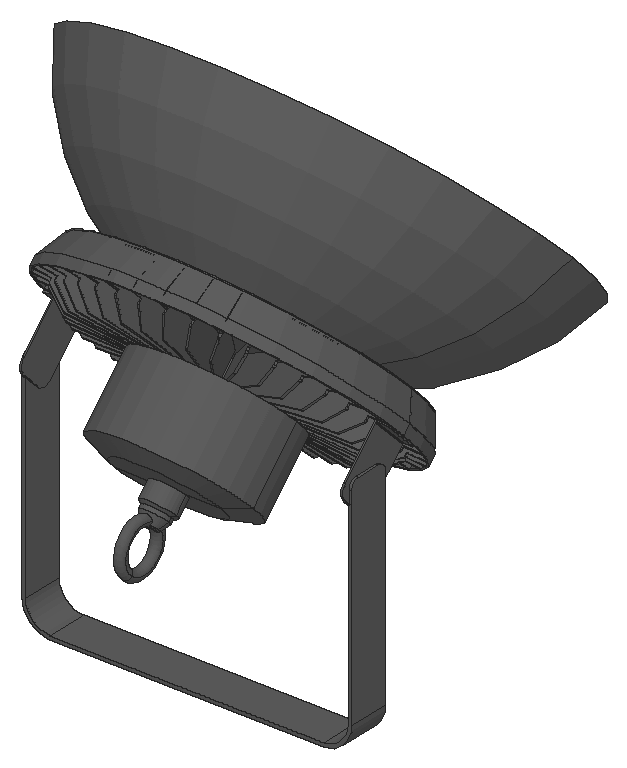
Revit family "0039351+0039354+0039357 Feilo Sylvania Lighting Fixture START HIGHBAY 6K 19KLM WIDE with BRACKET and ALU SHADE BLACK COLOR", category Lighting Fixtures, host Face, Revit 2017 (continued)
Definition of nested family "Start LED Highbay Head"
  Dimensions and locks
    "RHHeight3_FEILO": plane 31 to plane 33
    "RHHeight4_FEILO": plane 33 to plane 34
    "RHRadius3_FEILO": plane 3 "Center (Left/Right)" to plane 35
    "RHHeight1_FEILO": plane 28 to plane 30
    "EyeInner_FEILO": plane 34 to plane 36
    "EyeInner_FEILO": plane 36 to plane 37
    equal spacing: plane 38, plane 3 "Center (Left/Right)", plane 39
    "EyeThickness_FEILO": plane 38 to plane 39
    "EyeThickness_FEILO": plane 37 to plane 40
    equal spacing: plane 37, plane 41, plane 40
    equal spacing: plane 6, plane 42, plane 18
    "ThicknessBracket_FEILO": plane 45 to plane 6
    "ThicknessBracket_FEILO": plane 8 to plane 44
    locked: plane 43 to plane 18 at 1
    equal spacing: plane 24, plane 46, plane 26
    equal spacing: plane 47, plane 1 "Center (Front/Back)", plane 48
    "WidthBracket_FEILO": plane 47 to plane 48
    "WidthRingChamfer_FEILO": plane 50 to plane 49
    "ThicknessWall_FEILO": plane 51 to plane 49
    equal spacing: plane 50, plane 52, plane 51
    "ThicknessBracket_FEILO": plane 54 to plane 50
    locked: plane 53 to plane 51 at 1
    "Radius_FEILO": plane 49 to plane 3 "Center (Left/Right)"
    "ShadeRadiusOut_FEILO": plane 3 "Center (Left/Right)" to plane 55
    "ShadeHeight_FEILO": plane 56 to plane 4
    "ShadeRadiusIn_FEILO": plane 3 "Center (Left/Right)" to plane 57
    locked: plane 58 to plane 57 at 8
    "ShadeThickness_FEILO": plane 60 to plane 4
    "ShadeThickness_FEILO": plane 59 to plane 55
    "EyeThicknessHalf_FEILO": radius of curve 8
    "ThicknessBracket_FEILO": radius of Extrusion 7 sketch curve  (x2)
    "ThicknessBracketHalf_FEILO": radius of Extrusion 7 sketch curve  (x2)
    "ShadeRadiusBend_FEILO": radius of curve 9
    aligned and locked: plane 2 to Extrusion 1
    aligned and locked: level to Extrusion 1
    aligned and locked: plane 5 to curve 1
    aligned and locked: plane 6 to curve 1
    aligned and locked: plane 7 to curve 1
    aligned and locked: plane 10 to curve 2
    aligned and locked: plane 9 to curve 3
    aligned and locked: plane 4 to curve 3
    aligned and locked: plane 11 to curve 3
    aligned and locked: plane 4 to curve 4
    aligned and locked: plane 18 to curve 5
    aligned and locked: plane 10 to curve 5
    aligned and locked: Revolve 2 sketch curve to plane 3 "Center (Left/Right)"
    aligned and locked: Revolve 2 sketch curve to curve 3
    aligned and locked: Revolve 2 sketch curve to curve 1
    aligned and locked: plane 4 to Revolve 2 sketch curve
    aligned and locked: plane 9 to Revolve 2 sketch curve
    aligned and locked: Revolve 2 sketch curve to plane 13
    aligned and locked: Revolve 2 sketch curve to plane 10
    aligned and locked: plane 13 to Revolve 2 sketch curve
    aligned and locked: plane 10 to Revolve 2 sketch curve
    aligned and locked: Revolve 2 sketch curve to plane 18
    aligned and locked: Revolve 2 sketch curve to plane 8
    aligned and locked: plane 5 to Revolve 2 sketch curve  (x2)
    aligned and locked: Revolve 3 sketch curve to plane 3 "Center (Left/Right)"
    aligned and locked: plane 11 to Revolve 3 sketch curve
    aligned and locked: Revolve 3 sketch curve to curve 2
    aligned and locked: plane 15 to Revolve 3 sketch curve
    aligned and locked: Revolve 3 sketch curve to plane 16
    aligned and locked: plane 17 to Revolve 3 sketch curve  (x2)
    aligned and locked: Revolve 3 sketch curve to plane 12
    aligned and locked: plane 7 to Revolve 3 sketch curve
    aligned and locked: Revolve 4 sketch curve to plane 3 "Center (Left/Right)"
    aligned and locked: Revolve 4 sketch curve to plane 14
    aligned and locked: plane 3 "Center (Left/Right)" to Revolve 4 sketch curve
    aligned and locked: Revolve 4 sketch curve to plane 12
    aligned and locked: plane 15 to Revolve 4 sketch curve
    aligned and locked: Revolve 2 sketch curve to curve 5
    aligned and locked: plane 22 to curve 6
    aligned and locked: plane 21 to curve 6
    aligned and locked: plane 20 to curve 6
    aligned and locked: plane 19 to curve 6
    aligned and locked: plane 33 to curve 7
    aligned and locked: plane 32 to curve 7
    aligned and locked: plane 35 to curve 7
    aligned and locked: plane 34 to curve 7
    aligned and locked: Revolve 5 sketch curve to plane 3 "Center (Left/Right)"
    aligned and locked: Revolve 5 sketch curve to plane 25
    aligned and locked: plane 27 to Revolve 5 sketch curve
    aligned and locked: plane 28 to Revolve 5 sketch curve
    aligned and locked: plane 30 to Revolve 5 sketch curve
    aligned and locked: Revolve 5 sketch curve to plane 29
    aligned and locked: plane 31 to Revolve 5 sketch curve
    aligned and locked: Revolve 5 sketch curve to curve 7
    aligned and locked: Revolve 5 sketch curve to plane 32
    aligned and locked: plane 34 to Revolve 5 sketch curve
    aligned and locked: plane 3 "Center (Left/Right)" to Revolve 5 sketch curve
    aligned and locked: plane 3 "Center (Left/Right)" to curve 8
    aligned and locked: plane 41 to curve 8
    aligned and locked: Revolve 6 sketch curve to plane 36
    aligned and locked: Revolve 6 sketch curve to curve 8
    aligned and locked: plane 43 to Extrusion 7 sketch curve  (x2)
    aligned and locked: plane 8 to Extrusion 7 sketch curve  (x3)
    aligned and locked: Extrusion 7 sketch curve to plane 45
    aligned and locked: Extrusion 7 sketch curve to plane 46  (x2)
    aligned and locked: plane 6 to Extrusion 7 sketch curve
    aligned and locked: Extrusion 7 sketch curve to plane 44  (x2)
    aligned and locked: Extrusion 7 to plane 48
    aligned and locked: plane 47 to Extrusion 7
    aligned and locked: plane 53 to Extrusion 7 sketch curve
    aligned and locked: plane 50 to Extrusion 7 sketch curve
    aligned and locked: Extrusion 7 sketch curve to plane 54
    aligned and locked: Extrusion 8 sketch curve to Extrusion 8 sketch curve
    aligned and locked: Extrusion 8 to plane 6
    aligned and locked: Extrusion 8 to Extrusion 7
    aligned and locked: Revolve 5 sketch curve to plane 22
    aligned and locked: plane 23 to nested 1
    aligned and locked: plane 1 "Center (Front/Back)" to nested 1
    aligned and locked: Revolve 9 sketch curve to plane 3 "Center (Left/Right)"
    aligned and locked: Revolve 9 sketch curve to plane 4
    aligned and locked: plane 6 to Revolve 9 sketch curve
    aligned and locked: plane 4 to Revolve 9 sketch curve
    aligned and locked: plane 7 to Revolve 9 sketch curve
    aligned and locked: Revolve 9 sketch curve to plane 5
    aligned and locked: plane 8 to Revolve 9 sketch curve  (x2)
    aligned and locked: Revolve 9 sketch curve to plane 19
    aligned and locked: plane 20 to Revolve 9 sketch curve
    aligned and locked: plane 19 to Revolve 9 sketch curve
    aligned and locked: plane 21 to Revolve 9 sketch curve
    aligned and locked: plane 22 to Revolve 9 sketch curve  (x2)
    aligned and locked: Revolve 9 sketch curve to Revolve 9 sketch curve
    aligned and locked: imposter light to plane 4
    aligned and locked: plane 3 "Center (Left/Right)" to imposter light
    aligned and locked: imposter light to plane 1 "Center (Front/Back)"
    aligned and locked: plane 55 to curve 9
    aligned and locked: plane 56 to curve 9
    aligned and locked: plane 57 to curve 9
    aligned and locked: plane 4 to curve 9
    aligned and locked: Revolve 10 sketch curve to curve 9
    aligned and locked: plane 58 to Revolve 10 sketch curve
    aligned and locked: plane 57 to Revolve 10 sketch curve
    aligned and locked: plane 56 to Revolve 10 sketch curve  (x2)
    aligned and locked: Revolve 10 sketch curve to plane 58
    aligned and locked: plane 60 to Revolve 10 sketch curve
  Automatic sketch dimensions
    Extrusion 1 sketch curve to Extrusion 1 sketch curve = 2438.4 mm  (x2)
    Revolve 2 sketch curve to plane 6 = 0.299 mm
    plane 6 to Revolve 2 sketch curve = 0.459 mm
    Revolve 2 sketch curve to level = 609.6 mm
    Revolve 2 sketch curve to Revolve 2 sketch curve = 2312.223 mm
    Revolve 3 sketch curve to plane 12 = 0 mm
    Revolve 3 sketch curve to plane 3 "Center (Left/Right)" = 0 mm
    Revolve 3 sketch curve to level = 609.6 mm
    Revolve 3 sketch curve to plane 4 = 2339.058 mm
    Revolve 4 sketch curve to level = 609.6 mm
    Revolve 4 sketch curve to plane 4 = 2339.058 mm
    Revolve 6 sketch curve to plane 5 = 1080 mm
    plane 38 to Revolve 6 sketch curve = 1219.2 mm
    Extrusion 8 sketch curve to plane 47 = 0 mm
    plane 46 to Extrusion 8 sketch curve = 0 mm  (x2)
    Extrusion 8 sketch curve to plane 48 = 0 mm
    plane 47 to Extrusion 8 sketch curve = 5 mm
    plane 1 "Center (Front/Back)" to Extrusion 8 sketch curve = 10 mm
    Extrusion 8 sketch curve to Extrusion 8 sketch curve = 10 mm
    plane 46 to Extrusion 8 sketch curve = 5 mm
    Extrusion 8 sketch curve to Extrusion 8 sketch curve = 5 mm
    Extrusion 8 sketch curve to plane 48 = 5 mm
    Revolve 5 sketch curve to plane 26 = 0 mm
    Revolve 5 sketch curve to plane 35 = 0.437 mm
    plane 35 to Revolve 5 sketch curve = 0.847 mm
    Revolve 5 sketch curve to plane 34 = 0.726 mm
    plane 40 to Revolve 5 sketch curve = 590.2 mm
    Revolve 5 sketch curve to plane 4 = 2339.058 mm
    Revolve 9 sketch curve to level = 609.6 mm
    Revolve 9 sketch curve to Revolve 9 sketch curve = 2386.058 mm
    curve 2 to plane 3 "Center (Left/Right)" = 0 mm
    Revolve 10 sketch curve to Revolve 10 sketch curve = 0 mm  (x2)
    Revolve 10 sketch curve to plane 3 "Center (Left/Right)" = 0 mm
    plane 57 to Revolve 10 sketch curve = 0.659 mm
    Revolve 10 sketch curve to level = 609.6 mm
    Revolve 10 sketch curve to Revolve 10 sketch curve = 2068.248 mm
  Nested families
    nested 1: "Start Highbay Rib" at (0, 0, 67.775), type "Type Name", detail levels medium+fine
      with SuspensionHeight_FEILO 2.6 mm
    nested 2: "Start Highbay Rib" at (0, 0, 67.775) x (0.9877, 0.1564, 0) z (0, 0, 1), type "Type Name", detail levels medium+fine
      with SuspensionHeight_FEILO 2.6 mm
    nested 3: "Start Highbay Rib" at (0, 0, 67.775) x (0.9511, 0.309, 0) z (0, 0, 1), type "Type Name", detail levels medium+fine
      with SuspensionHeight_FEILO 2.6 mm
    nested 4: "Start Highbay Rib" at (0, 0, 67.775) x (0.891, 0.454, 0) z (0, 0, 1), type "Type Name", detail levels medium+fine
      with SuspensionHeight_FEILO 2.6 mm
    nested 5: "Start Highbay Rib" at (0, 0, 67.775) x (0.809, 0.5878, 0) z (0, 0, 1), type "Type Name", detail levels medium+fine
      with SuspensionHeight_FEILO 2.6 mm
    nested 6: "Start Highbay Rib" at (0, 0, 67.775) x (0.7071, 0.7071, 0) z (0, 0, 1), type "Type Name", detail levels medium+fine
      with SuspensionHeight_FEILO 2.6 mm
    nested 7: "Start Highbay Rib" at (0, 0, 67.775) x (0.5878, 0.809, 0) z (0, 0, 1), type "Type Name", detail levels medium+fine
      with SuspensionHeight_FEILO 2.6 mm
    nested 8: "Start Highbay Rib" at (0, 0, 67.775) x (0.454, 0.891, 0) z (0, 0, 1), type "Type Name", detail levels medium+fine
      with SuspensionHeight_FEILO 2.6 mm
    nested 9: "Start Highbay Rib" at (0, 0, 67.775) x (0.309, 0.9511, 0) z (0, 0, 1), type "Type Name", detail levels medium+fine
      with SuspensionHeight_FEILO 2.6 mm
    nested 10: "Start Highbay Rib" at (0, 0, 67.775) x (0.1564, 0.9877, 0) z (0, 0, 1), type "Type Name", detail levels medium+fine
      with SuspensionHeight_FEILO 2.6 mm
    nested 11: "Start Highbay Rib" at (0, 0, 67.775) x (0, 1, 0) z (0, 0, 1), type "Type Name", detail levels medium+fine
      with SuspensionHeight_FEILO 2.6 mm
    nested 12: "Start Highbay Rib" at (0, 0, 67.775) x (-0.1564, 0.9877, 0) z (0, 0, 1), type "Type Name", detail levels medium+fine
      with SuspensionHeight_FEILO 2.6 mm
    nested 13: "Start Highbay Rib" at (0, 0, 67.775) x (-0.309, 0.9511, 0) z (0, 0, 1), type "Type Name", detail levels medium+fine
      with SuspensionHeight_FEILO 2.6 mm
    nested 14: "Start Highbay Rib" at (0, 0, 67.775) x (-0.454, 0.891, 0) z (0, 0, 1), type "Type Name", detail levels medium+fine
      with SuspensionHeight_FEILO 2.6 mm
    nested 15: "Start Highbay Rib" at (0, 0, 67.775) x (-0.5878, 0.809, 0) z (0, 0, 1), type "Type Name", detail levels medium+fine
      with SuspensionHeight_FEILO 2.6 mm
    nested 16: "Start Highbay Rib" at (0, 0, 67.775) x (-0.7071, 0.7071, 0) z (0, 0, 1), type "Type Name", detail levels medium+fine
      with SuspensionHeight_FEILO 2.6 mm
    nested 17: "Start Highbay Rib" at (0, 0, 67.775) x (-0.809, 0.5878, 0) z (0, 0, 1), type "Type Name", detail levels medium+fine
      with SuspensionHeight_FEILO 2.6 mm
    nested 18: "Start Highbay Rib" at (0, 0, 67.775) x (-0.891, 0.454, 0) z (0, 0, 1), type "Type Name", detail levels medium+fine
      with SuspensionHeight_FEILO 2.6 mm
    nested 19: "Start Highbay Rib" at (0, 0, 67.775) x (-0.9511, 0.309, 0) z (0, 0, 1), type "Type Name", detail levels medium+fine
      with SuspensionHeight_FEILO 2.6 mm
    nested 20: "Start Highbay Rib" at (0, 0, 67.775) x (-0.9877, 0.1564, 0) z (0, 0, 1), type "Type Name", detail levels medium+fine
      with SuspensionHeight_FEILO 2.6 mm
    nested 21: "Start Highbay Rib" at (0, 0, 67.775) x (-1, 0, 0) z (0, 0, 1), type "Type Name", detail levels medium+fine
      with SuspensionHeight_FEILO 2.6 mm
    nested 22: "Start Highbay Rib" at (0, 0, 67.775) x (-0.9877, -0.1564, 0) z (0, 0, 1), type "Type Name", detail levels medium+fine
      with SuspensionHeight_FEILO 2.6 mm
    nested 23: "Start Highbay Rib" at (0, 0, 67.775) x (-0.9511, -0.309, 0) z (0, 0, 1), type "Type Name", detail levels medium+fine
      with SuspensionHeight_FEILO 2.6 mm
    nested 24: "Start Highbay Rib" at (0, 0, 67.775) x (-0.891, -0.454, 0) z (0, 0, 1), type "Type Name", detail levels medium+fine
      with SuspensionHeight_FEILO 2.6 mm
    nested 25: "Start Highbay Rib" at (0, 0, 67.775) x (-0.809, -0.5878, 0) z (0, 0, 1), type "Type Name", detail levels medium+fine
      with SuspensionHeight_FEILO 2.6 mm
    nested 26: "Start Highbay Rib" at (0, 0, 67.775) x (-0.7071, -0.7071, 0) z (0, 0, 1), type "Type Name", detail levels medium+fine
      with SuspensionHeight_FEILO 2.6 mm
    nested 27: "Start Highbay Rib" at (0, 0, 67.775) x (-0.5878, -0.809, 0) z (0, 0, 1), type "Type Name", detail levels medium+fine
      with SuspensionHeight_FEILO 2.6 mm
    nested 28: "Start Highbay Rib" at (0, 0, 67.775) x (-0.454, -0.891, 0) z (0, 0, 1), type "Type Name", detail levels medium+fine
      with SuspensionHeight_FEILO 2.6 mm
    nested 29: "Start Highbay Rib" at (0, 0, 67.775) x (-0.309, -0.9511, 0) z (0, 0, 1), type "Type Name", detail levels medium+fine
      with SuspensionHeight_FEILO 2.6 mm
    nested 30: "Start Highbay Rib" at (0, 0, 67.775) x (-0.1564, -0.9877, 0) z (0, 0, 1), type "Type Name", detail levels medium+fine
      with SuspensionHeight_FEILO 2.6 mm
    nested 31: "Start Highbay Rib" at (0, 0, 67.775) x (0, -1, 0) z (0, 0, 1), type "Type Name", detail levels medium+fine
      with SuspensionHeight_FEILO 2.6 mm
    nested 32: "Start Highbay Rib" at (0, 0, 67.775) x (0.1564, -0.9877, 0) z (0, 0, 1), type "Type Name", detail levels medium+fine
      with SuspensionHeight_FEILO 2.6 mm
    nested 33: "Start Highbay Rib" at (0, 0, 67.775) x (0.309, -0.9511, 0) z (0, 0, 1), type "Type Name", detail levels medium+fine
      with SuspensionHeight_FEILO 2.6 mm
    nested 34: "Start Highbay Rib" at (0, 0, 67.775) x (0.454, -0.891, 0) z (0, 0, 1), type "Type Name", detail levels medium+fine
      with SuspensionHeight_FEILO 2.6 mm
    nested 35: "Start Highbay Rib" at (0, 0, 67.775) x (0.5878, -0.809, 0) z (0, 0, 1), type "Type Name", detail levels medium+fine
      with SuspensionHeight_FEILO 2.6 mm
    nested 36: "Start Highbay Rib" at (0, 0, 67.775) x (0.7071, -0.7071, 0) z (0, 0, 1), type "Type Name", detail levels medium+fine
      with SuspensionHeight_FEILO 2.6 mm
    nested 37: "Start Highbay Rib" at (0, 0, 67.775) x (0.809, -0.5878, 0) z (0, 0, 1), type "Type Name", detail levels medium+fine
      with SuspensionHeight_FEILO 2.6 mm
    nested 38: "Start Highbay Rib" at (0, 0, 67.775) x (0.891, -0.454, 0) z (0, 0, 1), type "Type Name", detail levels medium+fine
      with SuspensionHeight_FEILO 2.6 mm
    nested 39: "Start Highbay Rib" at (0, 0, 67.775) x (0.9511, -0.309, 0) z (0, 0, 1), type "Type Name", detail levels medium+fine
      with SuspensionHeight_FEILO 2.6 mm
    nested 40: "Start Highbay Rib" at (0, 0, 67.775) x (0.9877, -0.1564, 0) z (0, 0, 1), type "Type Name", detail levels medium+fine
      with SuspensionHeight_FEILO 2.6 mm
  Definition of nested family "Start Highbay Rib"
    Parameters (values of type "Type Name")
      WidthStraight_FEILO = if(SizeS_FEILO, 3 mm, if(SizeM_FEILO, 4 mm, 4.7 mm))  # 3 mm
      WidthRingChamfer_FEILO = if(SizeS_FEILO, 10.3 mm, if(SizeM_FEILO, 11.2 mm, 12.9 mm))  # 10.3 mm
      WidthCurved_FEILO = if(SizeS_FEILO, 17.4 mm, if(SizeM_FEILO, 16.4 mm, 26.2 mm))  # 17.4 mm
      WidthCurvedRing_FEILO = if(SizeS_FEILO, 3 mm, if(SizeM_FEILO, 4 mm, 4.7 mm))  # 3 mm
      WidthBracket_FEILO = 40 mm
      URL = "http://www.feilosylvania.com"
      Type Image = (empty or 0)
      Type Comments = "n/a"
      ThicknessWall_FEILO = 1.5 mm
      ThicknessBracket_FEILO = 1.5 mm
      ThicknessBracketHalf_FEILO = ThicknessBracket_FEILO / 2  # 0.75 mm
      SuspensionHeight_FEILO [instance] = 2.6 mm
      SizeS_FEILO = yes
      SizeM_FEILO = no
      Rib4_FEILO = if(SizeS_FEILO, 18.1 mm, if(SizeM_FEILO, 13.6 mm, 14.6 mm))  # 18.1 mm
      Rib3_FEILO = if(SizeS_FEILO, 15.3 mm, if(SizeM_FEILO, 17.6 mm, 20.2 mm))  # 15.3 mm
      Rib2_FEILO = if(SizeS_FEILO, 3.6 mm, if(SizeM_FEILO, 3.9 mm, 4.5 mm))  # 3.6 mm
      Rib1_FEILO = if(SizeS_FEILO, 15.1 mm, if(SizeM_FEILO, 16.5 mm, 19 mm))  # 15.1 mm
      RadiusRib_FEILO = 2 mm
      RadiusDiffuser_FEILO = if(SizeS_FEILO, 95.2 mm, if(SizeM_FEILO, 105.3 mm, 120 mm))  # 95.2 mm
      RHRadius3_FEILO = if(SizeS_FEILO, 6.6 mm, if(SizeM_FEILO, 7.4 mm, 8.6 mm))  # 6.6 mm
      RHRadius2_FEILO = if(SizeS_FEILO, 11 mm, if(SizeM_FEILO, 12 mm, 14 mm))  # 11 mm
      RHRadius1_FEILO = if(SizeS_FEILO, 13.6 mm, if(SizeM_FEILO, 14.9 mm, 17.7 mm))  # 13.6 mm
      RHHeight4_FEILO = if(SizeS_FEILO, 7.3 mm, if(SizeM_FEILO, 8 mm, 9.2 mm))  # 7.3 mm
      RHHeight3_FEILO = if(SizeS_FEILO, 3.6 mm, if(SizeM_FEILO, 3.7 mm, 4.6 mm))  # 3.6 mm
      RHHeight2_FEILO = if(SizeS_FEILO, 2 mm, if(SizeM_FEILO, 2.2 mm, 2.6 mm))  # 2 mm
      RHHeight1_FEILO = if(SizeS_FEILO, 11.8 mm, if(SizeM_FEILO, 15.3 mm, 17.4 mm))  # 11.8 mm
      Material_3_FEILO = none
      Model = ""
      Manufacturer = "Feilo Sylvania"
      Keynote = "16500"
      HeightRing_FEILO = if(SizeS_FEILO, 19.8 mm, if(SizeM_FEILO, 32 mm, 36.8 mm))  # 19.8 mm
      HeightRingChamfer_FEILO = if(SizeS_FEILO, 11.7 mm, if(SizeM_FEILO, 23.2 mm, 26.6 mm))  # 11.7 mm
      EyeThickness_FEILO = if(SizeS_FEILO, 8.4 mm, if(SizeM_FEILO, 9.2 mm, 10.5 mm))  # 8.4 mm
      EyeThicknessHalf_FEILO = EyeThickness_FEILO / 2  # 4.2 mm
      EyeInner_FEILO = if(SizeS_FEILO, 13.8 mm, if(SizeM_FEILO, 15.1 mm, 17.3 mm))  # 13.8 mm
      DriverVerticalStraight_FEILO = if(SizeS_FEILO, 46.5 mm, if(SizeM_FEILO, 49.7 mm, 57 mm))  # 46.5 mm
      DriverVerticalChamfer_FEILO = if(SizeS_FEILO, 7.5 mm, if(SizeM_FEILO, 8.2 mm, 9.5 mm))  # 7.5 mm
      DriverRadius_FEILO = if(SizeS_FEILO, 61.4 mm, if(SizeM_FEILO, 67.2 mm, 76.4 mm))  # 61.4 mm
      DriverRadiusTop_FEILO = if(SizeS_FEILO, 42 mm, if(SizeM_FEILO, 45.3 mm, 52.4 mm))  # 42 mm
      DriverBottom_FEILO = if(SizeS_FEILO, 56 mm, if(SizeM_FEILO, 64.5 mm, 74 mm))  # 56 mm
      Material_2_FEILO = none
      Radius_FEILO = if(SizeS_FEILO, 135 mm, if(SizeM_FEILO, 148 mm, 169.5 mm))  # 135 mm
      Description = ""
      Default Elevation = 1219.2 mm
      Cost = 0
      Material_1_FEILO = none
      Assembly Code = "D5020200"
      Material_4_FEILO = none
    Reference planes
      plane 1 "Center (Front/Back)": y = 0
      plane 2: z = 0
      plane 3 "Center (Left/Right)": x = 0
      plane 4: z = 2.6
      plane 5: x = -135
      plane 6: x = -124.7
      plane 7: z = -9.1
      plane 8: z = -17.2
      plane 9: x = -121.7
      plane 10: z = -0.025
      plane 11: x = -104.3
      plane 12: x = -95.2
      plane 13: x = -118.7
      plane 14: z = 0.975
      plane 15: z = -1.025
      plane 16: x = -92.2
      plane 17: z = -2.025
      plane 18: x = -133.5
      plane 19: x = -119.9
      plane 20: z = -20.8
      plane 21: x = -104.6
      plane 22: z = -38.9
      plane 23: x = -20
      plane 24: z = -53.4
      plane 25: x = -61.4
      plane 26: z = -99.9
      plane 27: x = -42
      plane 28: z = -107.4
      plane 29: x = -13.6
      plane 30: z = -119.2
      plane 31: z = -121.2
      plane 32: x = -11
      plane 33: z = -124.8
      plane 34: z = -132.1
      plane 35: x = -6.6
      plane 36: z = -145.9
      plane 37: z = -159.7
      plane 38: x = 4.2
      plane 39: x = -4.2
      plane 40: z = -168.1
      plane 41: z = -163.9
      plane 42: x = -129.1
      plane 43: x = -132.5
      plane 44: z = -18.7
      plane 45: x = -123.2
      plane 46: z = -76.65
      plane 47: y = -20
      plane 48: y = 20
      plane 49: x = 135
      plane 50: x = 124.7
      plane 51: x = 133.5
      plane 52: x = 129.1
      plane 53: x = 132.5
      plane 54: x = 123.2
      plane 55: y = 0.75
      plane 56: y = -0.75
    Forms (mm)
      Extrusion 1, solid
        sketch origin (4.2, 0, 0) x (1, 0, 0) y (0, 1, 0)
          loop
            line (-1219.2, 1219.2) -> (-1219.2, -1219.2) -> (1219.2, -1219.2) -> (1219.2, 1219.2) -> (-1219.2, 1219.2)
        from 0 to -68.017
      Extrusion 2, solid, material <- "Material_1_FEILO"
        sketch origin (0, 0, 0) x (1, 0, 0) y (0, 0, 1)
          loop
            arc (-104.3, -0.025) -> (-111.555, 0.423) -> (-118.7, 1.76) r 58.981
            line (-118.7, 1.76) -> (-118.7, -0.025) -> (-125.012, -0.025) -> (-133.5, -9.666) -> (-133.5, -17.2) -> (-119.9, -17.2) -> (-119.9, -20.068)
            arc (-119.9, -20.068) -> (-119.778, -20.755) -> (-119.427, -21.359) r 2
            line (-119.427, -21.359) -> (-104.966, -38.467)
            arc (-104.966, -38.467) -> (-104.381, -38.789) -> (-103.723, -38.9) r 2
            line (-103.723, -38.9) -> (-20, -38.9) -> (-20, -9.1) -> (-95.2, -9.1) -> (-95.2, -2.025) -> (-104.3, -2.025) -> (-104.3, -0.025)
        from -0.75 to 0.75
    Lines and regions (mm)
      reference lines
        curve 1: line (-135, 0, -9.1) -> (-124.7, 0, 2.6)
        curve 2: line (-104.3, 0, -0.025) -> (0, 0, -0.025)
        curve 3: arc (-104.3, 0, -0.025) -> (-113.098, 0, 0.635) -> (-121.7, 0, 2.6) r 58.981
        curve 4: line (-124.7, 0, 2.6) -> (-121.7, 0, 2.6)
        curve 5: line (-125.012, 0, -0.025) -> (-133.5, 0, -9.666)
        curve 6: line (-119.9, 0, -20.8) -> (-104.6, 0, -38.9)
    Dimensions and locks
      "Radius_FEILO": plane 3 "Center (Left/Right)" to plane 5
      "WidthRingChamfer_FEILO": plane 6 to plane 5
      "WidthStraight_FEILO": plane 9 to plane 6
      "WidthCurvedRing_FEILO": plane 13 to plane 9
      locked: plane 10 to plane 15 at 1
      locked: plane 14 to plane 10 at 1
      locked: plane 4 to plane 10 at 2.625
      locked: plane 15 to plane 17 at 1
      "ThicknessWall_FEILO": plane 18 to plane 5
      "ThicknessWall_FEILO": curve 5 to curve 1
      "HeightRingChamfer_FEILO": plane 4 to plane 7
      "HeightRing_FEILO": plane 4 to plane 8
      "RadiusDiffuser_FEILO": plane 3 "Center (Left/Right)" to plane 12
      locked: plane 16 to plane 12 at 3
      "WidthCurved_FEILO": plane 11 to plane 9
      "SuspensionHeight_FEILO": plane 4 to plane 2
      "Rib1_FEILO": plane 19 to plane 5
      "Rib2_FEILO": plane 8 to plane 20
      "Rib3_FEILO": plane 21 to plane 19
      "Rib4_FEILO": plane 20 to plane 22
      locked: plane 3 "Center (Left/Right)" to plane 23 at 20
      "DriverBottom_FEILO": plane 4 to plane 24
      "DriverRadius_FEILO": plane 3 "Center (Left/Right)" to plane 25
      "DriverVerticalStraight_FEILO": plane 24 to plane 26
      "DriverRadiusTop_FEILO": plane 3 "Center (Left/Right)" to plane 27
      "DriverVerticalChamfer_FEILO": plane 26 to plane 28
      "RHRadius1_FEILO": plane 3 "Center (Left/Right)" to plane 29
      "RHHeight2_FEILO": plane 30 to plane 31
      "RHRadius2_FEILO": plane 3 "Center (Left/Right)" to plane 32
      "RHHeight3_FEILO": plane 31 to plane 33
      "RHHeight4_FEILO": plane 33 to plane 34
      "RHRadius3_FEILO": plane 3 "Center (Left/Right)" to plane 35
      "RHHeight1_FEILO": plane 28 to plane 30
      "EyeInner_FEILO": plane 34 to plane 36
      "EyeInner_FEILO": plane 36 to plane 37
      equal spacing: plane 38, plane 3 "Center (Left/Right)", plane 39
      "EyeThickness_FEILO": plane 38 to plane 39
      "EyeThickness_FEILO": plane 37 to plane 40
      equal spacing: plane 37, plane 41, plane 40
      equal spacing: plane 6, plane 42, plane 18
      "ThicknessBracket_FEILO": plane 45 to plane 6
      "ThicknessBracket_FEILO": plane 8 to plane 44
      locked: plane 43 to plane 18 at 1
      equal spacing: plane 24, plane 46, plane 26
      equal spacing: plane 47, plane 1 "Center (Front/Back)", plane 48
      "WidthBracket_FEILO": plane 47 to plane 48
      "WidthRingChamfer_FEILO": plane 50 to plane 49
      "ThicknessWall_FEILO": plane 51 to plane 49
      equal spacing: plane 50, plane 52, plane 51
      "ThicknessBracket_FEILO": plane 54 to plane 50
      locked: plane 53 to plane 51 at 1
      "Radius_FEILO": plane 49 to plane 3 "Center (Left/Right)"
      equal spacing: plane 56, plane 1 "Center (Front/Back)", plane 55
      "ThicknessWall_FEILO": plane 56 to plane 55
      "RadiusRib_FEILO": radius of Extrusion 2 sketch curve  (x2)
      aligned and locked: plane 2 to Extrusion 1
      aligned and locked: level to Extrusion 1
      aligned and locked: plane 5 to curve 1
      aligned and locked: plane 6 to curve 1
      aligned and locked: plane 7 to curve 1
      aligned and locked: plane 10 to curve 2
      aligned and locked: plane 9 to curve 3
      aligned and locked: plane 4 to curve 3
      aligned and locked: plane 11 to curve 3
      aligned and locked: plane 4 to curve 4
      aligned and locked: plane 18 to curve 5
      aligned and locked: plane 10 to curve 5
      aligned and locked: plane 22 to curve 6
      aligned and locked: plane 21 to curve 6
      aligned and locked: plane 20 to curve 6
      aligned and locked: plane 19 to curve 6
      aligned and locked: Extrusion 2 sketch curve to plane 23
      aligned and locked: Extrusion 2 sketch curve to plane 22
      aligned and locked: Extrusion 2 sketch curve to curve 6
      aligned and locked: plane 19 to Extrusion 2 sketch curve
      aligned and locked: Extrusion 2 sketch curve to plane 8
      aligned and locked: Extrusion 2 sketch curve to curve 5
      aligned and locked: Extrusion 2 sketch curve to curve 3
      aligned and locked: Extrusion 2 to plane 55
      aligned and locked: plane 56 to Extrusion 2
      aligned and locked: curve 6 to Extrusion 2 sketch curve
    Automatic sketch dimensions
      Extrusion 1 sketch curve to Extrusion 1 sketch curve = 2438.4 mm  (x2)
      curve 2 to plane 3 "Center (Left/Right)" = 0 mm
      Extrusion 2 sketch curve to plane 18 = 0 mm
      Extrusion 2 sketch curve to plane 10 = 0 mm
      Extrusion 2 sketch curve to plane 13 = 0 mm
      Extrusion 2 sketch curve to plane 7 = 0 mm
      Extrusion 2 sketch curve to plane 12 = 0 mm
      Extrusion 2 sketch curve to plane 17 = 0 mm
      plane 19 to Extrusion 2 sketch curve = 0.473 mm
      Extrusion 2 sketch curve to plane 21 = 0.366 mm
